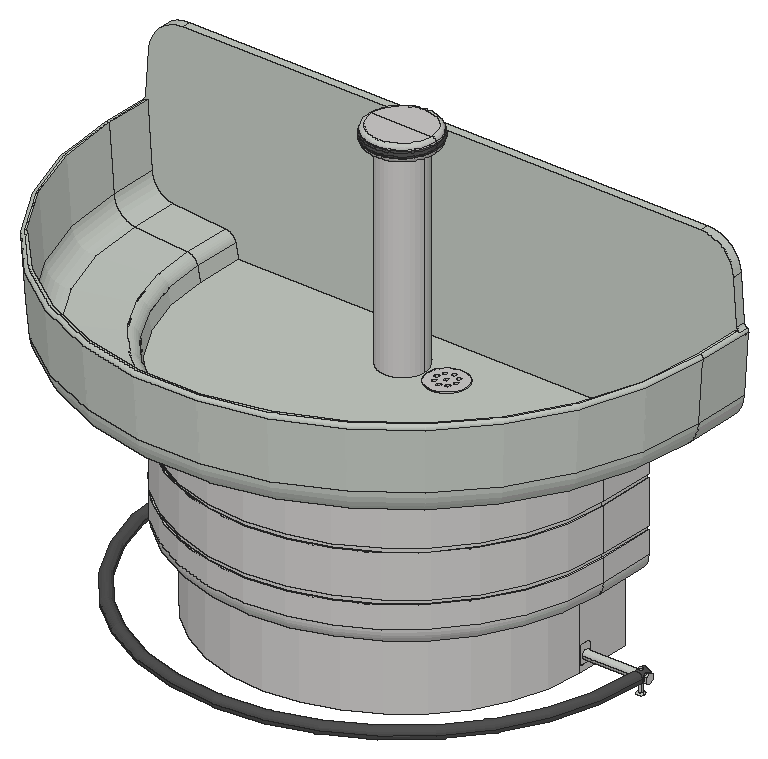
Revit family "Washfountain_Lavatory-Bradley_Corp-WF2504-Type_B_Drain", category Plumbing Fixtures, Revit 2012 (continued)
Lines and regions (in)
  sketch lines
    curve 17: line (-26.97649, -5.09016, 29.5) -> (-26.97649, 0, 29.5)
    curve 18: arc (-26.97649, -5.09016, 29.5) -> (0, -32.06665, 29.5) -> (26.97649, -5.09016, 29.5) r 26.97649
    curve 19: line (26.97649, -5.09016, 29.5) -> (26.97649, 0, 29.5)
    curve 20: line (-26.97649, -5.09016, 29.5) -> (-26.97649, 0, 29.5)
    curve 21: arc (-26.97649, -5.09016, 29.5) -> (0, -32.06665, 29.5) -> (26.97649, -5.09016, 29.5) r 26.97649
    curve 22: line (26.97649, -5.09016, 29.5) -> (26.97649, 0, 29.5)
    curve 26: line (-18.00049, 0, 19) -> (-18.00049, -5.09016, 19)
    curve 27: arc (-18.00049, -5.09016, 19) -> (0, -23.09065, 19) -> (18.00049, -5.09016, 19) r 18.00049
    curve 28: line (18.00049, -5.09016, 19) -> (18.00049, 0, 19)
    curve 29: line (-18.00049, 0, 19) -> (-18.00049, -5.09016, 19)
    curve 30: arc (-18.00049, -5.09016, 19) -> (0, -23.09065, 19) -> (18.00049, -5.09016, 19) r 18.00049
    curve 31: line (18.00049, -5.09016, 19) -> (18.00049, 0, 19)
    curve 32: line (-18.00049, 0, 19) -> (-18.00049, -5.09016, 19)
    curve 33: arc (-18.00049, -5.09016, 19) -> (0, -23.09065, 19) -> (18.00049, -5.09016, 19) r 18.00049
    curve 34: line (18.00049, -5.09016, 19) -> (18.00049, 0, 19)
    curve 35: line (-18.00049, 0, 19) -> (-18.00049, -5.09016, 19)
    curve 36: arc (-18.00049, -5.09016, 19) -> (0, -23.09065, 19) -> (18.00049, -5.09016, 19) r 18.00049
    curve 37: line (18.00049, -5.09016, 19) -> (18.00049, 0, 19)
    curve 174: line (-21.00049, -5.09016, 0) -> (-21.00049, -4.125, 0)
    curve 175: arc (21.00049, -5.09016, 0) -> (0, -26.09065, 0) -> (-21.00049, -5.09016, 0) r 21.00049
    curve 176: line (21.00049, -4.125, 0) -> (21.00049, -5.09016, 0)
  symbolic lines, visible <- "Standard Height"
    curve 38: line (-15.8525, 0, 6.50286) -> (15.85299, 0, 6.50286)
    curve 59: line (0, -20.94266, 6.50286) -> (0, 0, 6.50286)
  symbolic lines, visible <- "Standard Height", detail levels fine
    curve 39: line (17.87156, 0, 10.0615) -> (-17.87156, 0, 10.0615)
    curve 41: line (17.87156, 0, 10.43646) -> (-17.87156, 0, 10.43646)
    curve 42: line (17.87156, 0, 14.24904) -> (-17.87156, 0, 14.24904)
    curve 44: line (17.87156, 0, 14.624) -> (-17.87156, 0, 14.624)
    curve 60: line (0, -22.9605, 10.0615) -> (0, 0, 10.0615)
    curve 61: line (0, -22.9605, 10.43646) -> (0, 0, 10.43646)
    curve 63: line (0, -22.9605, 14.24904) -> (0, 0, 14.24904)
    curve 64: line (0, -22.9605, 14.624) -> (0, 0, 14.624)
  symbolic lines, visible <- "Standard Height", detail levels medium
    curve 40: line (-17.87156, 0, 10.24898) -> (17.87156, 0, 10.24898)
    curve 43: line (-17.87156, 0, 14.43652) -> (17.87156, 0, 14.43652)
    curve 62: line (0, -22.9605, 10.24898) -> (0, 0, 10.24898)
    curve 65: line (0, -22.9605, 14.43652) -> (0, 0, 14.43652)
  symbolic lines, visible <- "Juvenile Height"
    curve 45: line (-15.8525, 0, 9.1514) -> (15.8525, 0, 9.1514)
    curve 52: line (0, -20.94266, 9.1514) -> (0, 0, 9.1514)
  symbolic lines, visible <- "Juvenile Height", detail levels fine
    curve 46: line (17.89889, 0, 11.95585) -> (-17.89889, 0, 11.95585)
    curve 47: line (-17.89889, 0, 12.25134) -> (17.89889, 0, 12.25134)
    curve 49: line (17.89889, 0, 15.25592) -> (-17.89889, 0, 15.25592)
    curve 50: line (-17.89889, 0, 15.55141) -> (17.89889, 0, 15.55141)
    curve 53: line (0, -22.98904, 11.95585) -> (0, 0, 11.95585)
    curve 54: line (0, -22.98904, 12.25134) -> (0, 0, 12.25134)
    curve 56: line (0, -22.98904, 15.25592) -> (0, 0, 15.25592)
    curve 57: line (0, -22.98904, 15.55141) -> (0, 0, 15.55141)
  symbolic lines, visible <- "Juvenile Height", detail levels medium
    curve 48: line (17.89889, 0, 12.1036) -> (-17.89889, 0, 12.1036)
    curve 51: line (17.89889, 0, 15.40367) -> (-17.89889, 0, 15.40367)
    curve 55: line (0, -22.98904, 12.1036) -> (0, 0, 12.1036)
    curve 58: line (0, -22.98904, 15.40367) -> (0, 0, 15.40367)
  symbolic lines, detail levels coarse
    curve 66: line (0, -24.19857, 21.03318) -> (0, 0, 21.03318)
    curve 102: line (26.76758, 0, 29.5) -> (26.99999, 0, 29.5)
    curve 103: line (-26.76758, 0, 29.5) -> (-26.99999, 0, 29.5)
  symbolic lines, detail levels medium+fine
    curve 67: arc (0, -24.5796, 21.06589) -> (0, -20.96589, 20.75555) -> (0, -17.33954, 20.68645) r 54.45771
    curve 68: arc (-19.4921, -32.2274, 21.06542) -> (0, -32.2274, 20.35292) -> (19.4921, -32.2274, 21.06542) r 266.9846
    curve 73: line (-3.035, -5.25, 38.30527) -> (3.035, -5.25, 38.30527)
    curve 76: line (3.035, -5.25, 37.80542) -> (-3.03521, -5.25, 37.80542)
    curve 86: line (0, -2.215, 38.30527) -> (0, -8.28501, 38.30527)
    curve 89: line (0, -8.285, 37.80542) -> (0, -2.21501, 37.80542)
    curve 155: circle (0, -5.25, 38.75) r 3.035 normal (0, 0, 1)
    curve 209: circle (4, -5.25, 29.5) r 1.25 normal (0, 0, 1)
    curve 210: circle (4, -5.25, 29.5) r 0.1842 normal (0, 0, 1)
    curve 211: circle (4, -4.37229, 29.5) r 0.1842 normal (0, 0, 1)
    curve 212: circle (4.62063, -4.62937, 29.5) r 0.1842 normal (0, 0, 1)
    curve 213: circle (4.87771, -5.25, 29.5) r 0.1842 normal (0, 0, 1)
    curve 214: circle (4.62063, -5.87063, 29.5) r 0.1842 normal (0, 0, 1)
    curve 215: circle (4, -6.12771, 29.5) r 0.1842 normal (0, 0, 1)
    curve 216: circle (3.37937, -5.87063, 29.5) r 0.1842 normal (0, 0, 1)
    curve 217: circle (3.12229, -5.25, 29.5) r 0.1842 normal (0, 0, 1)
    curve 218: circle (3.37937, -4.62937, 29.5) r 0.1842 normal (0, 0, 1)
  symbolic lines, visible <- "Sensor Module", detail levels fine
    curve 69: line (-4.49987, -5.25, 41.68459) -> (4.49987, -5.25, 41.68459)
    curve 92: line (0, -0.75014, 41.68459) -> (0, -9.75014, 41.68459)
  symbolic lines, visible <- "Sensor Module", detail levels medium
    curve 70: line (4.57537, -5.25, 40.23512) -> (-4.57537, -5.25, 40.23512)
    curve 93: line (0, -9.82537, 40.23512) -> (0, -0.67463, 40.23512)
  symbolic lines, visible <- "Sensor Module"
    curve 71: line (-2, -5.25, 39.40962) -> (1.99689, -5.25, 39.40962)
    curve 94: line (0, -3.25001, 39.40962) -> (0, -7.25, 39.40962)
  symbolic lines, detail levels medium
    curve 72: line (-3.125, -5.25, 38.30527) -> (-3.035, -5.25, 38.30527)
    curve 74: line (3.035, -5.25, 38.30527) -> (3.125, -5.25, 38.30527)
    curve 75: line (3.125, -5.25, 37.80542) -> (3.035, -5.25, 37.80542)
    curve 77: line (-3.03521, -5.25, 37.80542) -> (-3.125, -5.25, 37.80542)
    curve 85: line (0, -2.125, 38.30527) -> (0, -2.215, 38.30527)
    curve 87: line (0, -8.28501, 38.30527) -> (0, -8.375, 38.30527)
    curve 88: line (0, -8.375, 37.80542) -> (0, -8.285, 37.80542)
    curve 90: line (0, -2.21501, 37.80542) -> (0, -2.125, 37.80542)
  symbolic lines
    curve 78: line (-2, -5.25, 37.36037) -> (2, -5.25, 37.36037)
    curve 91: line (0, -3.25001, 37.36037) -> (0, -7.25001, 37.36037)
    curve 101: line (-26.76758, 0, 29.5) -> (26.76758, 0, 29.5)
    curve 146: line (-18.00049, -5.09016, 29.5) -> (-18.00049, -0.8003, 29.5)
    curve 147: arc (-18.00049, -5.09016, 29.5) -> (0, -23.09065, 29.5) -> (18.00049, -5.09016, 29.5) r 18.00049
    curve 148: line (18.00049, -0.8003, 29.5) -> (18.00049, -5.09016, 29.5)
    curve 156: line (-26.99999, -0.8003, 29.5) -> (26.99999, -0.8003, 29.5)
    curve 204: line (-26.50049, -5.09016, 29.5) -> (-26.50049, -0.8003, 29.5)
    curve 205: arc (26.50049, -5.09016, 29.5) -> (0, -31.59065, 29.5) -> (-26.50049, -5.09016, 29.5) r 26.50049
    curve 206: line (26.50049, -0.8003, 29.5) -> (26.50049, -5.09016, 29.5)
    curve 208: circle (4, -5.25, 29.5) r 1.75 normal (0, 0, 1)
  symbolic lines, visible <- "Soap Dispenser", detail levels medium+fine
    curve 79: line (-6.24592, -5.25, 46.25047) -> (6.24592, -5.25, 46.25047)
    curve 96: line (0, -11.49592, 46.25047) -> (0, -3, 46.25047)
    curve 151: line (-5.85471, -3, 47.25) -> (-5.85471, -5.25, 47.25)
    curve 152: arc (5.85471, -5.25, 47.25) -> (0, -11.10471, 47.25) -> (-5.85471, -5.25, 47.25) r 5.85471
    curve 153: line (5.85471, -5.25, 47.25) -> (5.85471, -3, 47.25)
  symbolic lines, visible <- "Soap Dispenser", detail levels fine
    curve 80: line (6.24592, -5.25, 46.87642) -> (-6.24592, -5.25, 46.87642)
    curve 81: line (-5.97, -5.25, 45.63597) -> (5.97, -5.25, 45.63597)
    curve 82: line (5.93, -5.25, 44.38597) -> (-5.93, -5.25, 44.38597)
    curve 83: line (-5.88598, -5.25, 43.13598) -> (5.88598, -5.25, 43.13598)
    curve 84: line (5.85471, -5.25, 41.88597) -> (-5.85471, -5.25, 41.88597)
    curve 95: line (0, -11.49592, 46.87642) -> (0, -3, 46.87642)
    curve 97: line (0, -11.22, 45.63597) -> (0, -3, 45.63597)
    curve 98: line (0, -11.18, 44.38597) -> (0, -3, 44.38597)
    curve 99: line (0, -11.13598, 43.13598) -> (0, -3, 43.13598)
    curve 100: line (0, -11.10471, 41.88597) -> (0, -3, 41.88597)
  model lines, visible <- "Towel Dispenser", detail levels fine
    curve 106: spline (3.55188, -13.597, 53.37502) -> (3.64368, -13.43362, 56.41615) -> (3.91281, -12.95459, 59.25002) -> (4.34094, -12.19257, 61.68353) -> (4.89888, -11.19948, 63.55082) -> (5.54862, -10.04301, 64.72465) -> (6.24588, -8.80197, 65.12502) -> (6.94314, -7.56092, 64.72465) -> (7.59288, -6.40445, 63.55082) -> (8.15082, -5.41136, 61.68353) -> (8.57895, -4.64934, 59.25002) -> (8.84808, -4.17032, 56.41615) -> (8.93988, -4.00693, 53.37502)
    curve 107: spline (-8.93988, -4.00693, 53.37502) -> (-8.84808, -4.17032, 56.41615) -> (-8.57895, -4.64934, 59.25002) -> (-8.15082, -5.41136, 61.68353) -> (-7.59288, -6.40445, 63.55082) -> (-6.94314, -7.56092, 64.72465) -> (-6.24588, -8.80197, 65.12502) -> (-5.54862, -10.04301, 64.72465) -> (-4.89888, -11.19948, 63.55082) -> (-4.34094, -12.19257, 61.68353) -> (-3.91281, -12.95459, 59.25002) -> (-3.64368, -13.43362, 56.41615) -> (-3.55188, -13.597, 53.37502)
    curve 140: spline (-7.98129, -5.71312, 55.97659) -> (-7.96197, -5.74749, 56.01066) -> (-7.94398, -5.77953, 56.11056) -> (-7.92852, -5.80703, 56.26948) -> (-7.91666, -5.82814, 56.47659) -> (-7.90921, -5.84141, 56.71777) -> (-7.90667, -5.84593, 56.97659) -> (-7.90921, -5.84141, 57.2354) -> (-7.91666, -5.82814, 57.47659) -> (-7.92852, -5.80703, 57.68369) -> (-7.94398, -5.77953, 57.84261) -> (-7.96197, -5.74749, 57.94251) -> (-7.98129, -5.71312, 57.97659) -> (-8.0006, -5.67874, 57.94251) -> (-8.0186, -5.64671, 57.84261) -> (-8.03405, -5.6192, 57.68369) -> (-8.04591, -5.59809, 57.47659) -> (-8.05337, -5.58483, 57.2354) -> (-8.05591, -5.5803, 56.97659) -> (-8.05337, -5.58483, 56.71777) -> (-8.04591, -5.59809, 56.47659) -> (-8.03405, -5.6192, 56.26948) -> (-8.0186, -5.64671, 56.11056) -> (-8.0006, -5.67874, 56.01066) -> (-7.98129, -5.71312, 55.97659)
    curve 141: spline (4.51047, -11.89081, 55.97659) -> (4.52978, -11.85644, 56.01066) -> (4.54778, -11.82441, 56.11056) -> (4.56324, -11.7969, 56.26948) -> (4.57509, -11.77579, 56.47659) -> (4.58255, -11.76252, 56.71777) -> (4.58509, -11.758, 56.97659) -> (4.58255, -11.76252, 57.2354) -> (4.57509, -11.77579, 57.47659) -> (4.56324, -11.7969, 57.68369) -> (4.54778, -11.82441, 57.84261) -> (4.52978, -11.85644, 57.94251) -> (4.51047, -11.89081, 57.97659) -> (4.49116, -11.92519, 57.94251) -> (4.47316, -11.95722, 57.84261) -> (4.45771, -11.98473, 57.68369) -> (4.44585, -12.00584, 57.47659) -> (4.43839, -12.01911, 57.2354) -> (4.43585, -12.02363, 56.97659) -> (4.43839, -12.01911, 56.71777) -> (4.44585, -12.00584, 56.47659) -> (4.45771, -11.98473, 56.26948) -> (4.47316, -11.95722, 56.11056) -> (4.49116, -11.92519, 56.01066) -> (4.51047, -11.89081, 55.97659)
  symbolic lines, visible <- "Towel Dispenser"
    curve 108: line (-8.93988, -27, 66.62567) -> (-3.55188, -27, 66.62567)
    curve 109: line (-0.06458, -27, 67.313) -> (-3.55188, -27, 66.62567)
    curve 110: line (3.55188, -27, 66.62567) -> (0.06458, -27, 67.313)
    curve 111: line (8.93988, -27, 66.62567) -> (3.55188, -27, 66.62567)
    curve 112: line (3.55188, -27, 53.37502) -> (3.55188, -27, 66.62567)
    curve 113: line (-3.55188, -27, 66.62567) -> (-3.55188, -27, 53.37502)
    curve 114: line (-8.93988, -27, 53.37502) -> (-3.55188, -27, 53.37502)
    curve 115: line (-3.55188, -27, 53.37502) -> (-1.59028, -27, 52)
    curve 116: line (1.59028, -27, 52) -> (3.55188, -27, 53.37502)
    curve 125: line (0.06458, -27, 67.313) -> (0.06458, -27, 52)
    curve 126: line (-0.06458, -27, 52) -> (-0.06458, -27, 67.313)
    curve 130: line (0, -4.00693, 66.62567) -> (0, -2.04766, 67.313)
    curve 131: line (0, -4.00693, 66.62567) -> (0, -13.597, 66.62567)
    curve 132: line (0, -4.00693, 53.37502) -> (0, -4.00693, 66.62567)
    curve 133: line (0, -4.00693, 53.37502) -> (0, -13.597, 53.37502)
    curve 134: line (0, -2.90484, 52) -> (0, -4.00693, 53.37502)
    curve 145: line (8.93988, -27, 53.37502) -> (3.55188, -27, 53.37502)
    curve 149: line (-6.97827, -2.90484, 52) -> (-1.59028, -12.49491, 52)
    curve 150: line (6.97827, -2.90484, 52) -> (1.59028, -12.49491, 52)
    curve 157: line (-0.06458, -11.63773, 52) -> (-5.45258, -2.04766, 52)
    curve 158: line (5.45258, -2.04766, 52) -> (0.06458, -11.63773, 52)
    curve 160: line (-5.45258, 3, 67.313) -> (-5.45258, 3, 52)
    curve 161: line (5.45258, 3, 67.313) -> (5.45258, 3, 52)
    curve 162: line (5.45258, 3, 66.62567) -> (-5.45258, 3, 66.62567)
    curve 163: line (-5.45258, 3, 66.12567) -> (5.45258, 3, 66.12567)
    curve 164: line (5.45258, 3, 53.5786) -> (-5.45258, 3, 53.5786)
    curve 165: line (-5.45258, 3, 53.0786) -> (5.45258, 3, 53.0786)
    curve 166: line (-2, 3, 66.12567) -> (-2, 3, 53.5786)
    curve 167: line (2, 3, 66.12567) -> (2, 3, 53.5786)
    curve 168: line (-2, 3, 53.0786) -> (-2, 3, 52)
    curve 169: line (2, 3, 53.0786) -> (2, 3, 52)
    curve 170: line (-2, -27, 52) -> (2, -27, 52)
  symbolic lines, visible <- "Towel Dispenser", detail levels medium+fine
    curve 117: line (3.86374, -27, 53.0786) -> (7.78228, -27, 53.0786)
    curve 118: spline (7.78228, -27, 53.0786) -> (7.85835, -27, 53.06528) -> (7.89121, -27, 53.02621) -> (7.87863, -27, 52.96406) -> (7.82146, -27, 52.88306) -> (7.7236, -27, 52.78873) -> (7.59171, -27, 52.68751) -> (7.43479, -27, 52.58629) -> (7.26353, -27, 52.49197) -> (7.08959, -27, 52.41097) -> (6.92485, -27, 52.34882) -> (6.78051, -27, 52.30975) -> (6.66642, -27, 52.29642)
    curve 119: line (6.66642, -27, 52.29642) -> (2.74787, -27, 52.29642)
    curve 120: spline (2.74787, -27, 52.29642) -> (2.6718, -27, 52.30975) -> (2.63894, -27, 52.34882) -> (2.65152, -27, 52.41097) -> (2.70869, -27, 52.49197) -> (2.80656, -27, 52.58629) -> (2.93844, -27, 52.68751) -> (3.09536, -27, 52.78873) -> (3.26663, -27, 52.88306) -> (3.44056, -27, 52.96406) -> (3.60531, -27, 53.02621) -> (3.74965, -27, 53.06528) -> (3.86374, -27, 53.0786)
    curve 121: line (-3.86374, -27, 53.0786) -> (-7.78228, -27, 53.0786)
    curve 122: spline (-7.78228, -27, 53.0786) -> (-7.85835, -27, 53.06528) -> (-7.89121, -27, 53.02621) -> (-7.87863, -27, 52.96406) -> (-7.82146, -27, 52.88306) -> (-7.7236, -27, 52.78873) -> (-7.59171, -27, 52.68751) -> (-7.43479, -27, 52.58629) -> (-7.26353, -27, 52.49197) -> (-7.08959, -27, 52.41097) -> (-6.92485, -27, 52.34882) -> (-6.78051, -27, 52.30975) -> (-6.66642, -27, 52.29642)
    curve 123: line (-6.66642, -27, 52.29642) -> (-2.74787, -27, 52.29642)
    curve 124: spline (-2.74787, -27, 52.29642) -> (-2.6718, -27, 52.30975) -> (-2.63894, -27, 52.34882) -> (-2.65152, -27, 52.41097) -> (-2.70869, -27, 52.49197) -> (-2.80656, -27, 52.58629) -> (-2.93844, -27, 52.68751) -> (-3.09536, -27, 52.78873) -> (-3.26663, -27, 52.88306) -> (-3.44056, -27, 52.96406) -> (-3.60531, -27, 53.02621) -> (-3.74965, -27, 53.06528) -> (-3.86374, -27, 53.0786)
    curve 135: line (0, -5.07708, 53.0786) -> (0, -12.05168, 53.0786)
    curve 136: spline (0, -12.05168, 53.0786) -> (0, -12.21024, 53.06528) -> (0, -12.33662, 53.02621) -> (0, -12.42223, 52.96406) -> (0, -12.46122, 52.88306) -> (0, -12.45094, 52.78873) -> (0, -12.39209, 52.68751) -> (0, -12.28868, 52.58629) -> (0, -12.14776, 52.49197) -> (0, -11.97892, 52.41097) -> (0, -11.79369, 52.34882) -> (0, -11.60467, 52.30975) -> (0, -11.42476, 52.29642)
    curve 137: line (0, -11.42476, 52.29642) -> (0, -4.45016, 52.29642)
    curve 138: spline (0, -4.45016, 52.29642) -> (0, -4.29161, 52.30975) -> (0, -4.16522, 52.34882) -> (0, -4.07961, 52.41097) -> (0, -4.04062, 52.49197) -> (0, -4.0509, 52.58629) -> (0, -4.10975, 52.68751) -> (0, -4.21316, 52.78873) -> (0, -4.35409, 52.88306) -> (0, -4.52292, 52.96406) -> (0, -4.70815, 53.02621) -> (0, -4.89717, 53.06528) -> (0, -5.07708, 53.0786)
  symbolic lines, visible <- "Towel Dispenser", detail levels fine
    curve 127: spline (3.55188, -27, 53.37502) -> (3.64368, -27, 56.41615) -> (3.91281, -27, 59.25002) -> (4.34094, -27, 61.68353) -> (4.89888, -27, 63.55082) -> (5.54862, -27, 64.72465) -> (6.24588, -27, 65.12502) -> (6.94314, -27, 64.72465) -> (7.59288, -27, 63.55082) -> (8.15082, -27, 61.68353) -> (8.57895, -27, 59.25002) -> (8.84808, -27, 56.41615) -> (8.93988, -27, 53.37502)
    curve 128: spline (-8.93988, -27, 53.37502) -> (-8.84808, -27, 56.41615) -> (-8.57895, -27, 59.25002) -> (-8.15082, -27, 61.68353) -> (-7.59288, -27, 63.55082) -> (-6.94314, -27, 64.72465) -> (-6.24588, -27, 65.12502) -> (-5.54862, -27, 64.72465) -> (-4.89888, -27, 63.55082) -> (-4.34094, -27, 61.68353) -> (-3.91281, -27, 59.25002) -> (-3.64368, -27, 56.41615) -> (-3.55188, -27, 53.37502)
    curve 139: spline (0, -4.00693, 53.37502) -> (0, -4.17032, 56.41615) -> (0, -4.64934, 59.25002) -> (0, -5.41136, 61.68353) -> (0, -6.40445, 63.55082) -> (0, -7.56092, 64.72465) -> (0, -8.80197, 65.12502) -> (0, -10.04301, 64.72465) -> (0, -11.19948, 63.55082) -> (0, -12.19257, 61.68353) -> (0, -12.95459, 59.25002) -> (0, -13.43362, 56.41615) -> (0, -13.597, 53.37502)
    curve 142: spline (-7.98129, -27, 55.97659) -> (-7.96197, -27, 56.01066) -> (-7.94398, -27, 56.11056) -> (-7.92852, -27, 56.26948) -> (-7.91666, -27, 56.47659) -> (-7.90921, -27, 56.71777) -> (-7.90667, -27, 56.97659) -> (-7.90921, -27, 57.2354) -> (-7.91666, -27, 57.47659) -> (-7.92852, -27, 57.68369) -> (-7.94398, -27, 57.84261) -> (-7.96197, -27, 57.94251) -> (-7.98129, -27, 57.97659) -> (-8.0006, -27, 57.94251) -> (-8.0186, -27, 57.84261) -> (-8.03405, -27, 57.68369) -> (-8.04591, -27, 57.47659) -> (-8.05337, -27, 57.2354) -> (-8.05591, -27, 56.97659) -> (-8.05337, -27, 56.71777) -> (-8.04591, -27, 56.47659) -> (-8.03405, -27, 56.26948) -> (-8.0186, -27, 56.11056) -> (-8.0006, -27, 56.01066) -> (-7.98129, -27, 55.97659)
    curve 143: spline (4.51047, -27, 55.97659) -> (4.52978, -27, 56.01066) -> (4.54778, -27, 56.11056) -> (4.56324, -27, 56.26948) -> (4.57509, -27, 56.47659) -> (4.58255, -27, 56.71777) -> (4.58509, -27, 56.97659) -> (4.58255, -27, 57.2354) -> (4.57509, -27, 57.47659) -> (4.56324, -27, 57.68369) -> (4.54778, -27, 57.84261) -> (4.52978, -27, 57.94251) -> (4.51047, -27, 57.97659) -> (4.49116, -27, 57.94251) -> (4.47316, -27, 57.84261) -> (4.45771, -27, 57.68369) -> (4.44585, -27, 57.47659) -> (4.43839, -27, 57.2354) -> (4.43585, -27, 56.97659) -> (4.43839, -27, 56.71777) -> (4.44585, -27, 56.47659) -> (4.45771, -27, 56.26948) -> (4.47316, -27, 56.11056) -> (4.49116, -27, 56.01066) -> (4.51047, -27, 55.97659)
    curve 144: spline (0, -5.71312, 55.97659) -> (0, -5.74749, 56.01066) -> (0, -5.77953, 56.11056) -> (0, -5.80703, 56.26948) -> (0, -5.82814, 56.47659) -> (0, -5.84141, 56.71777) -> (0, -5.84593, 56.97659) -> (0, -5.84141, 57.2354) -> (0, -5.82814, 57.47659) -> (0, -5.80703, 57.68369) -> (0, -5.77953, 57.84261) -> (0, -5.74749, 57.94251) -> (0, -5.71312, 57.97659) -> (0, -5.67874, 57.94251) -> (0, -5.64671, 57.84261) -> (0, -5.6192, 57.68369) -> (0, -5.59809, 57.47659) -> (0, -5.58483, 57.2354) -> (0, -5.5803, 56.97659) -> (0, -5.58483, 56.71777) -> (0, -5.59809, 56.47659) -> (0, -5.6192, 56.26948) -> (0, -5.64671, 56.11056) -> (0, -5.67874, 56.01066) -> (0, -5.71312, 55.97659)
  symbolic lines, visible <- "Sensor Module", detail levels medium+fine
    curve 154: circle (0, -5.25, 42.25) r 2.10282 normal (0, 0, 1)
  symbolic lines, visible <- "Foot Control Valve"
    curve 177: line (-15.978, 0, 1.796) -> (-20.65712, 0, 1.796)
    curve 178: line (-15.978, 0, 1.054) -> (-20.65712, 0, 1.054)
    curve 179: arc (-20.88349, 0, 1.925) -> (-20.50058, 0, 1.425) -> (-20.88349, 0, 0.925) r 0.5179
    curve 184: line (15.978, 0, 1.796) -> (20.65712, 0, 1.796)
    curve 185: line (15.978, 0, 1.054) -> (20.65712, 0, 1.054)
    curve 186: arc (20.88349, 0, 1.925) -> (20.50058, 0, 1.425) -> (20.88349, 0, 0.925) r 0.5179
  symbolic lines, visible <- "Foot Control Valve", detail levels fine
    curve 180: line (-21.53456, 0, 1.796) -> (-21.53456, 0, 1.054)
    curve 181: line (-21.80027, 0, 1.64221) -> (-21.53456, 0, 1.64221)
    curve 182: line (-21.80027, 0, 1.21324) -> (-21.53456, 0, 1.21324)
    curve 183: line (-21.11749, 0, 0.12175) -> (-20.88349, 0, 0.12175)
    curve 187: line (21.53456, 0, 1.796) -> (21.53456, 0, 1.054)
    curve 188: line (21.80027, 0, 1.64221) -> (21.53456, 0, 1.64221)
    curve 189: line (21.80027, 0, 1.21324) -> (21.53456, 0, 1.21324)
    curve 190: line (21.11749, 0, 0.12175) -> (20.88349, 0, 0.12175)
    curve 192: arc (0, -4.996, 1.425) -> (0, -4.625, 1.796) -> (0, -4.254, 1.425) r 0.371
    curve 193: arc (0, -4.254, 1.425) -> (0, -4.625, 1.054) -> (0, -4.996, 1.425) r 0.371
    curve 194: line (0, -4.12723, 2.04222) -> (0, -4.12723, 1.925)
    curve 195: arc (0, -4.12723, 0.91722) -> (0, -4.20046, 0.74044) -> (0, -4.37723, 0.66722) r 0.25
    curve 196: line (0, -4.37723, 0.66722) -> (0, -4.508, 0.66722)
    curve 197: arc (0, -4.87723, 0.66722) -> (0, -5.05401, 0.74044) -> (0, -5.12723, 0.91722) r 0.25
    curve 198: arc (0, -5.12723, 2.04222) -> (0, -5.05401, 2.219) -> (0, -4.87723, 2.29222) r 0.25
    curve 199: line (0, -4.87723, 2.29222) -> (0, -4.37723, 2.29222)
    curve 200: arc (0, -4.37723, 2.29222) -> (0, -4.20046, 2.219) -> (0, -4.12723, 2.04222) r 0.25
    curve 202: line (0, -5.12723, 1.925) -> (0, -5.12723, 2.04222)
    curve 203: line (0, -4.742, 0.66722) -> (0, -4.87723, 0.66722)
  symbolic lines, not visible, detail levels fine
    curve 201: line (0, -4.12723, 1.73022) -> (0, -4.12723, 0.91722)
  model lines, detail levels medium+fine
    curve 207: circle (4, -5.25, 19.55176) r 1.25 normal (0, 0, 1)
  symbolic lines, visible <- "Button Visibility"
    curve 219: circle (0, -5.25, 40.8851) r 0.5 normal (0, -1, 0)
Dimensions and locks (in)
  equal spacing: plane 4 "Left", plane 3 "Center (Left/Right)", plane 5 "Right"
  "Width": plane 4 "Left" to plane 5 "Right"
  "Towel Dispenser Height": plane 6 "Towel Dispenser" to plane 2
  "Soap Dispenser Height": plane 7 "Soap Dispenser" to plane 2
  "Sensor Module Height": plane 8 "Sensor Module" to plane 2
  "Spray Head Height": plane 9 "Spray Head" to plane 2
  "Rim Height": plane 10 "Rim Height" to plane 2
  "Pedestal Height": plane 11 "Pedestal Height" to plane 2
  equal spacing: curve 14, plane 3 "Center (Left/Right)", curve 16
  locked: plane 7 "Soap Dispenser" to Revolve 7 sketch curve at 6
  locked: plane 9 "Spray Head" to Revolve 10 sketch curve at 1.38963
  locked: plane 7 "Soap Dispenser" to Extrusion 14 sketch curve at 6
  locked: plane 8 "Sensor Module" to Revolve 15 sketch curve at 2.84038
  locked: plane 8 "Sensor Module" to Revolve 16 sketch curve at 2.84038
  locked: plane 8 "Sensor Module" to Masking region 13 sketch curve at 2.84038  (x2)
  locked: plane 8 "Sensor Module" to Masking region 14 sketch curve at 2.84038  (x2)
  locked: plane 9 "Spray Head" to Masking region 15 sketch curve at 1.39  (x2)
  locked: plane 9 "Spray Head" to Masking region 16 sketch curve at 1.39
  locked: plane 9 "Spray Head" to Masking region 16 sketch curve at 1.38963
  locked: plane 7 "Soap Dispenser" to Masking region 17 sketch curve at 6
  locked: plane 7 "Soap Dispenser" to Masking region 18 sketch curve at 6
  locked: plane 9 "Spray Head" to Revolve 9 sketch curve at 1.38963
  locked: plane 9 "Spray Head" to Masking region 19 sketch curve at 1.38963  (x2)
  locked: plane 9 "Spray Head" to Masking region 20 sketch curve at 1.38963  (x2)
  locked: plane 8 "Sensor Module" to Masking region 21 sketch curve at 2.84038  (x2)
  locked: plane 8 "Sensor Module" to Masking region 22 sketch curve at 2.84038  (x2)
  locked: Extrusion 17 sketch curve to curve 104 at 4
  locked: curve 104 to Extrusion 17 sketch curve at 15.313
  locked: curve 104 to Extrusion 17 sketch curve at 15.16279
  locked: curve 105 to Extrusion 18 sketch curve at 4
  locked: curve 105 to Extrusion 18 sketch curve at 15.16279
  locked: curve 105 to Extrusion 18 sketch curve at 15.313
  locked: Masking region 25 sketch curve to plane 6 "Towel Dispenser" at 15.313
  locked: Extrusion 19 to Extrusion 17 at 1
  "Towel Dispenser Holder": plane 6 "Towel Dispenser" to Extrusion 19
  "Towel Dispenser Holder": plane 6 "Towel Dispenser" to Masking region 32
  locked: plane 7 "Soap Dispenser" to plane 12 at 6
  "Soap Dispenser Holder": plane 12 to Extrusion 20
  "Soap Dispenser Holder": plane 12 to Masking region 33
  "Soap Dispenser Holder": Masking region 34 to plane 12
  "Towel Dispenser Holder": plane 6 "Towel Dispenser" to Masking region 25 sketch curve
  plane 13 to plane 1 "Center (Front/Back)" = 32.2274"
  locked: Extrusion 19 to Masking region 26 sketch curve at 1
  locked: Extrusion 38 sketch curve to plane 1 "Center (Front/Back)" at 5.25
  locked: Extrusion 38 sketch curve to plane 3 "Center (Left/Right)" at 4
  Extrusion 38 to plane 2 = 3.000"
  locked: plane 1 "Center (Front/Back)" to Extrusion 40 at 2.5
  "Supply Height": Extrusion 39 to plane 2
  plane 7 "Soap Dispenser" to Revolve 8 sketch curve to Revolve 8 sketch curve = 0.99953" locked, 5.00047" locked
  plane 7 "Soap Dispenser" to Extrusion 13 sketch curve to Extrusion 13 sketch curve = 0.99953" locked, 5.00047" locked
  locked: plane 7 "Soap Dispenser" to Revolve 41 sketch curve at 0.99953
  locked: plane 7 "Soap Dispenser" to Extrusion 42 sketch curve at 0.99953
  Extrusion 40 sketch curve to Extrusion 40 sketch curve to plane 2 = 2.000" locked, 10.000" locked
  Extrusion 39 sketch curve to plane 3 "Center (Left/Right)" to Extrusion 39 sketch curve = 0.875" locked, 0.875" locked
  locked: Extrusion 39 sketch curve to plane 1 "Center (Front/Back)" at 4  (x2)
  "Drain Radius": radius of Extrusion 38 sketch curve
  "Vent Radius": radius of Extrusion 39 sketch curve
  "Cold Lavatory Inlet Primary Radius": radius of Extrusion 39 sketch curve
  "Hot Lavatory Inlet Primary Radius": radius of Extrusion 39 sketch curve
  aligned and locked: Revolve 7 sketch curve to plane 3 "Center (Left/Right)"
  aligned and locked: Revolve 8 sketch curve to plane 3 "Center (Left/Right)"
  aligned and locked: Revolve 9 sketch curve to plane 3 "Center (Left/Right)"
  aligned and locked: Revolve 10 sketch curve to plane 3 "Center (Left/Right)"
  aligned and locked: plane 3 "Center (Left/Right)" to Revolve 10 sketch curve
  aligned and locked: Revolve 10 sketch curve to plane 11 "Pedestal Height"
  aligned and locked: Revolve 9 sketch curve to plane 11 "Pedestal Height"
  aligned and locked: Revolve 15 sketch curve to plane 9 "Spray Head"
  aligned and locked: Revolve 15 sketch curve to plane 3 "Center (Left/Right)"
  aligned and locked: Revolve 16 sketch curve to plane 9 "Spray Head"
  aligned and locked: Revolve 16 sketch curve to plane 3 "Center (Left/Right)"
  aligned and locked: Masking region 13 sketch curve to plane 9 "Spray Head"
  aligned and locked: Masking region 14 sketch curve to plane 9 "Spray Head"
  aligned and locked: Masking region 15 sketch curve to plane 10 "Rim Height"
  aligned and locked: Masking region 16 sketch curve to plane 10 "Rim Height"
  aligned and locked: plane 10 "Rim Height" to Masking region 19 sketch curve
  aligned and locked: Masking region 20 sketch curve to plane 10 "Rim Height"
  aligned and locked: Masking region 21 sketch curve to plane 9 "Spray Head"
  aligned and locked: Masking region 22 sketch curve to plane 9 "Spray Head"
  aligned and locked: plane 6 "Towel Dispenser" to Masking region 32 sketch curve
  aligned and locked: Extrusion 20 to plane 12
  aligned and locked: Masking region 33 sketch curve to plane 12
  aligned and locked: plane 12 to Masking region 34 sketch curve
  aligned and locked: Extrusion 36 to plane 11 "Pedestal Height"
  aligned and locked: plane 10 "Rim Height" to Extrusion 36
  aligned and locked: Extrusion 37 to plane 11 "Pedestal Height"
  aligned and locked: plane 3 "Center (Left/Right)" to Extrusion 39 sketch curve
  aligned and locked: curve 7 to Extrusion 39 sketch curve
  aligned and locked: Extrusion 38 to plane 2
  aligned and locked: Extrusion 40 to plane 1 "Center (Front/Back)"
  aligned and locked: Extrusion 39 to plane 2
  aligned and locked: Revolve 41 sketch curve to plane 3 "Center (Left/Right)"
  aligned and locked: plane 3 "Center (Left/Right)" to Extrusion 43 sketch curve
Automatic sketch dimensions
  curve 172 to plane 3 "Center (Left/Right)" = 0.000"
  plane 4 "Left" to curve 171 = 5.99951"
  plane 1 "Center (Front/Back)" to curve 173 = 5.09016"
  curve 173 to curve 173 = 0.96516"
  curve 171 to curve 171 = 0.96516"
  curve 25 to plane 1 "Center (Front/Back)" = 0.000"
  curve 13 to plane 1 "Center (Front/Back)" = 0.000"
  curve 24 to plane 3 "Center (Left/Right)" = 0.000"
  curve 23 to plane 1 "Center (Front/Back)" = 0.000"
  plane 3 "Center (Left/Right)" to curve 13 = 1.49945"
  curve 25 to plane 5 "Right" = 8.99951"
  curve 13 to plane 3 "Center (Left/Right)" = 1.49945"
  plane 1 "Center (Front/Back)" to curve 24 = 5.09016"
  curve 4 to plane 3 "Center (Left/Right)" = 0.000"
  plane 3 "Center (Left/Right)" to curve 3 = 3.000"
  curve 3 to plane 3 "Center (Left/Right)" = 3.000"
  curve 4 to plane 1 "Center (Front/Back)" = 3.000"
  plane 1 "Center (Front/Back)" to curve 4 = 3.000"
  curve 4 to curve 3 = 2.250"
  curve 6 to plane 3 "Center (Left/Right)" = 0.000"
  plane 3 "Center (Left/Right)" to curve 5 = 3.000"
  curve 5 to plane 3 "Center (Left/Right)" = 3.000"
  curve 6 to plane 1 "Center (Front/Back)" = 3.000"
  plane 1 "Center (Front/Back)" to curve 6 = 3.000"
  curve 6 to curve 5 = 2.250"
  curve 8 to plane 3 "Center (Left/Right)" = 0.000"
  plane 3 "Center (Left/Right)" to curve 7 = 3.000"
  curve 7 to plane 3 "Center (Left/Right)" = 3.000"
  curve 8 to plane 1 "Center (Front/Back)" = 3.000"
  plane 1 "Center (Front/Back)" to curve 8 = 3.000"
  curve 8 to curve 7 = 2.250"
  curve 9 to plane 1 "Center (Front/Back)" = 0.000"
  curve 10 to plane 3 "Center (Left/Right)" = 0.000"
  plane 3 "Center (Left/Right)" to curve 105 = 0.06458"
  curve 159 to curve 10 = 2.000"
  plane 3 "Center (Left/Right)" to curve 9 = 3.000"
  plane 3 "Center (Left/Right)" to curve 129 = 3.000"
  plane 1 "Center (Front/Back)" to curve 105 = 2.04766"
  curve 105 to curve 9 = 2.45258"
  curve 104 to plane 3 "Center (Left/Right)" = 0.06458"
  curve 159 to plane 3 "Center (Left/Right)" = 2.000"
  curve 129 to plane 3 "Center (Left/Right)" = 3.000"
  curve 9 to plane 3 "Center (Left/Right)" = 3.000"
  plane 1 "Center (Front/Back)" to curve 104 = 2.04766"
  curve 9 to curve 104 = 2.45258"
  curve 159 to plane 1 "Center (Front/Back)" = 3.000"
  plane 1 "Center (Front/Back)" to curve 10 = 3.000"
  curve 10 to curve 105 = 8.63773"
  curve 104 to curve 105 = 0.000"
  curve 129 to plane 13 = 5.2274"
  curve 12 to plane 1 "Center (Front/Back)" = 0.000"
  curve 11 to plane 3 "Center (Left/Right)" = 0.000"
  plane 3 "Center (Left/Right)" to curve 12 = 3.000"
  curve 12 to plane 3 "Center (Left/Right)" = 3.000"
  curve 11 to plane 1 "Center (Front/Back)" = 3.000"
  plane 1 "Center (Front/Back)" to curve 11 = 3.000"
  Sweep 1 sketch curve to Sweep 1 sketch curve = 0.000"  (x15)
  Sweep 1 sketch curve to profile plane = 0.000"
  Sweep 1 sketch curve to profile plane = 10.500"
  profile plane to Sweep 1 sketch curve = 24.97649"
  profile plane to Sweep 1 sketch curve = 8.64604"
  Sweep 1 sketch curve to Sweep 1 sketch curve = 0.2187"
  Sweep 1 sketch curve to Sweep 1 sketch curve = 0.49398"
  Sweep 1 sketch curve to Sweep 1 sketch curve = 0.4924"
  Sweep 1 sketch curve to Sweep 1 sketch curve = 0.40869"
  Sweep 1 sketch curve to Sweep 1 sketch curve = 0.04186"  (x2)
  profile plane to Sweep 1 sketch curve = 2.9871"
  Sweep 1 sketch curve to Sweep 1 sketch curve = 0.20015"
  Sweep 1 sketch curve to Sweep 1 sketch curve = 0.04434"
  profile plane to Sweep 1 sketch curve = 0.86727"
  profile plane to Sweep 1 sketch curve = 0.47772"
  profile plane to Sweep 1 sketch curve = 0.36849"
  profile plane to Sweep 1 sketch curve = 0.3114"
  Sweep 1 sketch curve to Sweep 1 sketch curve = 0.17484"
  Sweep 1 sketch curve to profile plane = 0.00015"
  Sweep 1 sketch curve to Sweep 1 sketch curve = 0.42263"
  Sweep 1 sketch curve to Sweep 1 sketch curve = 0.00053"
  Sweep 1 sketch curve to Sweep 1 sketch curve = 1.14454"
  Sweep 1 sketch curve to Sweep 1 sketch curve = 0.08682"  (x2)
  Sweep 1 sketch curve to Sweep 1 sketch curve = 0.39837"
  Sweep 1 sketch curve to Sweep 1 sketch curve = 0.49804"
  Sweep 1 sketch curve to Sweep 1 sketch curve = 1.93244"
  Sweep 1 sketch curve to profile plane = 0.33398"
  Sweep 2 sketch curve to profile plane = 0.000"
  Sweep 2 sketch curve to profile plane = 9.99947"
  profile plane to Sweep 2 sketch curve = 24.97641"
  profile plane to Sweep 2 sketch curve = 8.64604"
  Sweep 2 sketch curve to Sweep 2 sketch curve = 0.35242"
  Sweep 2 sketch curve to Sweep 2 sketch curve = 0.41946"
  Sweep 2 sketch curve to Sweep 2 sketch curve = 0.42554"
  profile plane to Sweep 2 sketch curve = 0.99431"
  profile plane to Sweep 2 sketch curve = 0.52542"
  profile plane to Sweep 2 sketch curve = 0.47772"
  Sweep 2 sketch curve to profile plane = 0.0235"
  Sweep 2 sketch curve to Sweep 2 sketch curve = 0.50053"
  Sweep 2 sketch curve to Sweep 2 sketch curve = 1.53265"
  Sweep 2 sketch curve to Sweep 2 sketch curve = 0.46601"
  Sweep 2 sketch curve to Sweep 2 sketch curve = 0.61687"
  Sweep 2 sketch curve to Sweep 2 sketch curve = 0.46237"
  Sweep 3 sketch curve to Sweep 3 sketch curve = 0.000"  (x4)
  Sweep 3 sketch curve to profile plane = 0.000"
  Sweep 3 sketch curve to profile plane = 0.00049"
  Sweep 3 sketch curve to profile plane = 0.0005"
  Sweep 3 sketch curve to profile plane = 0.00454"
  Sweep 3 sketch curve to Sweep 3 sketch curve = 0.12487"  (x4)
  Sweep 3 sketch curve to Sweep 3 sketch curve = 0.37107"
  Sweep 3 sketch curve to Sweep 3 sketch curve = 0.500"  (x2)
  Sweep 3 sketch curve to Sweep 3 sketch curve = 0.00406"
  Sweep 3 sketch curve to Sweep 3 sketch curve = 1.03001"
  Sweep 3 sketch curve to Sweep 3 sketch curve = 0.61748"
  Sweep 3 sketch curve to profile plane = 4.376"
  Sweep 3 sketch curve to Sweep 3 sketch curve = 0.375"  (x2)
  Sweep 3 sketch curve to Sweep 3 sketch curve = 3.81254"
  Sweep 3 sketch curve to Sweep 3 sketch curve = 0.37496"  (x2)
  Sweep 3 sketch curve to Sweep 3 sketch curve = 2.02863"
  Sweep 3 sketch curve to Sweep 3 sketch curve = 6.50286"
  Sweep 4 sketch curve to profile plane = 0.000"  (x2)
  Sweep 4 sketch curve to profile plane = 0.50454"
  Sweep 4 sketch curve to Sweep 4 sketch curve = 1.64345"
  Sweep 4 sketch curve to Sweep 4 sketch curve = 0.500"  (x2)
  Sweep 4 sketch curve to profile plane = 11.99714"
  Sweep 4 sketch curve to Sweep 4 sketch curve = 6.50286"
  Sweep 5 sketch curve to Sweep 5 sketch curve = 0.000"  (x4)
  Sweep 5 sketch curve to profile plane = 0.000"  (x2)
  Sweep 5 sketch curve to profile plane = 0.00001"
  Sweep 5 sketch curve to profile plane = 0.0032"
  Sweep 5 sketch curve to profile plane = 0.1016"
  Sweep 5 sketch curve to Sweep 5 sketch curve = 0.1016"  (x2)
  Sweep 5 sketch curve to Sweep 5 sketch curve = 0.29243"
  Sweep 5 sketch curve to Sweep 5 sketch curve = 0.39403"  (x2)
  Sweep 5 sketch curve to Sweep 5 sketch curve = 0.0032"
  Sweep 5 sketch curve to Sweep 5 sketch curve = 0.09841"
  Sweep 5 sketch curve to profile plane = 1.64799"
  Sweep 5 sketch curve to Sweep 5 sketch curve = 0.500"
  Sweep 5 sketch curve to Sweep 5 sketch curve = 3.44859"
  Sweep 5 sketch curve to Sweep 5 sketch curve = 0.29553"  (x2)
  Sweep 5 sketch curve to Sweep 5 sketch curve = 3.00454"
  Sweep 5 sketch curve to Sweep 5 sketch curve = 0.29549"  (x2)
  Sweep 5 sketch curve to Sweep 5 sketch curve = 1.15647"
  Sweep 5 sketch curve to Sweep 5 sketch curve = 5.1514"
  Sweep 6 sketch curve to profile plane = 0.000"  (x2)
  Sweep 6 sketch curve to profile plane = 0.500"
  Sweep 6 sketch curve to Sweep 6 sketch curve = 1.64799"
  Sweep 6 sketch curve to Sweep 6 sketch curve = 0.500"  (x2)
  Sweep 6 sketch curve to profile plane = 9.3486"
  Sweep 6 sketch curve to Sweep 6 sketch curve = 5.1514"
  Revolve 7 sketch curve to curve 7 = 0.000"  (x2)
  Revolve 7 sketch curve to curve 7 = 14.27037"
  Revolve 7 sketch curve to curve 7 = 0.11538"
  Revolve 7 sketch curve to curve 7 = 2.85471"
  Revolve 7 sketch curve to Revolve 7 sketch curve = 0.03127"
  Revolve 7 sketch curve to Revolve 7 sketch curve = 0.04402"
  Revolve 7 sketch curve to Revolve 7 sketch curve = 0.040"  (x2)
  Revolve 7 sketch curve to Revolve 7 sketch curve = 0.23592"
  curve 7 to Revolve 7 sketch curve = 3.000"
  Revolve 7 sketch curve to curve 7 = 9.94403"
  Revolve 7 sketch curve to Revolve 7 sketch curve = 0.63597"
  Revolve 7 sketch curve to Revolve 7 sketch curve = 1.25001"
  Revolve 7 sketch curve to Revolve 7 sketch curve = 1.24999"
  Revolve 7 sketch curve to Revolve 7 sketch curve = 1.250"
  Revolve 7 sketch curve to Revolve 7 sketch curve = 0.61449"
  Revolve 7 sketch curve to curve 7 = 2.05597"
  Revolve 8 sketch curve to Revolve 8 sketch curve = 0.000"
  Revolve 8 sketch curve to curve 7 = 2.85471"
  Revolve 8 sketch curve to curve 7 = 3.24592"
  Revolve 8 sketch curve to Revolve 8 sketch curve = 0.70187"
  Revolve 8 sketch curve to Revolve 8 sketch curve = 2.79766"
  Revolve 9 sketch curve to curve 3 = 0.000"
  curve 3 to Revolve 9 sketch curve = 1.000"
  curve 3 to Revolve 9 sketch curve = 0.310"  (x2)
  Revolve 9 sketch curve to curve 3 = 0.03125"  (x2)
  Revolve 9 sketch curve to curve 3 = 0.035"  (x2)
  Revolve 9 sketch curve to Revolve 9 sketch curve = 0.09375"
  Revolve 9 sketch curve to Revolve 9 sketch curve = 2.000"
  curve 3 to Revolve 9 sketch curve = 1.99429"
  Revolve 9 sketch curve to curve 3 = 0.94458"
  Revolve 9 sketch curve to curve 3 = 0.5384"
  Revolve 9 sketch curve to Revolve 9 sketch curve = 1.00571"
  curve 3 to Revolve 10 sketch curve = 1.000"
  Revolve 10 sketch curve to curve 3 = 0.00012"
  curve 3 to Revolve 10 sketch curve = 0.31985"
  curve 3 to Revolve 10 sketch curve = 0.310"
  Revolve 10 sketch curve to curve 3 = 0.125"
  curve 3 to Revolve 10 sketch curve = 1.46535"
  Revolve 10 sketch curve to curve 3 = 0.94458"
  Revolve 10 sketch curve to curve 3 = 0.44473"
  Revolve 10 sketch curve to Revolve 10 sketch curve = 0.13611"
  Extrusion 11 sketch curve to curve 1 = 0.000"  (x2)
  Extrusion 11 sketch curve to curve 1 = 0.37401"  (x2)
  Extrusion 11 sketch curve to curve 1 = 24.10086"
  curve 1 to Extrusion 11 sketch curve = 0.04217"  (x2)
  Extrusion 11 sketch curve to Extrusion 11 sketch curve = 0.27885"
  Extrusion 11 sketch curve to Extrusion 11 sketch curve = 0.1484"  (x2)
  curve 1 to Extrusion 11 sketch curve = 0.31219"
  Extrusion 11 sketch curve to curve 1 = 0.33907"  (x2)
  Extrusion 11 sketch curve to Extrusion 11 sketch curve = 0.17484"  (x2)
  Extrusion 11 sketch curve to curve 1 = 4.20977"  (x2)
  Extrusion 11 sketch curve to Extrusion 11 sketch curve = 0.27067"
  Extrusion 11 sketch curve to Extrusion 11 sketch curve = 0.55587"
  curve 1 to Extrusion 11 sketch curve = 5.57086"  (x2)
  Extrusion 11 sketch curve to Extrusion 11 sketch curve = 0.000"  (x8)
  Extrusion 11 sketch curve to Extrusion 11 sketch curve = 1.96419"
  Extrusion 11 sketch curve to Extrusion 11 sketch curve = 0.15563"  (x2)
  Extrusion 11 sketch curve to Extrusion 11 sketch curve = 2.9927"  (x2)
  Extrusion 11 sketch curve to Extrusion 11 sketch curve = 4.61107"
  Extrusion 11 sketch curve to Extrusion 11 sketch curve = 0.08372"  (x2)
  Extrusion 11 sketch curve to Extrusion 11 sketch curve = 0.98481"
  Extrusion 11 sketch curve to Extrusion 11 sketch curve = 0.2187"  (x2)
  curve 1 to Extrusion 11 sketch curve = 15.33045"
  curve 1 to Extrusion 11 sketch curve = 7.93634"
  Extrusion 11 sketch curve to Extrusion 11 sketch curve = 0.90109"
  Extrusion 11 sketch curve to Extrusion 11 sketch curve = 3.88752"
  Extrusion 11 sketch curve to Extrusion 11 sketch curve = 4.53916"
  curve 1 to Extrusion 11 sketch curve = 7.54192"
  Extrusion 11 sketch curve to Extrusion 11 sketch curve = 2.11982"
  Extrusion 11 sketch curve to Extrusion 11 sketch curve = 0.16832"
  Extrusion 11 sketch curve to Extrusion 11 sketch curve = 0.10235"
  Extrusion 11 sketch curve to Extrusion 11 sketch curve = 0.16632"
  Extrusion 11 sketch curve to Extrusion 11 sketch curve = 2.36548"
  Extrusion 11 sketch curve to Extrusion 11 sketch curve = 0.82284"  (x2)
  Extrusion 11 sketch curve to Extrusion 11 sketch curve = 1.24029"
  Extrusion 11 sketch curve to Extrusion 11 sketch curve = 1.97106"
  Extrusion 11 sketch curve to Extrusion 11 sketch curve = 0.20927"
  curve 103 to curve 1 = 0.000"
  curve 103 to curve 1 = 23.99999"
  curve 103 to curve 103 = 0.23242"
  curve 101 to curve 102 = 0.23242"
  Extrusion 12 sketch curve to curve 1 = 0.000"  (x2)
  Extrusion 12 sketch curve to curve 1 = 3.33827"  (x2)
  Extrusion 12 sketch curve to curve 1 = 23.99999"
  Extrusion 12 sketch curve to Extrusion 12 sketch curve = 0.50122"
  curve 1 to Extrusion 12 sketch curve = 7.38758"  (x2)
  Extrusion 12 sketch curve to Extrusion 12 sketch curve = 0.51659"
  Extrusion 12 sketch curve to Extrusion 12 sketch curve = 3.66224"
  Extrusion 12 sketch curve to Extrusion 12 sketch curve = 7.29931"  (x2)
  Extrusion 12 sketch curve to Extrusion 12 sketch curve = 0.35242"  (x2)
  curve 1 to Extrusion 12 sketch curve = 15.33045"
  Extrusion 12 sketch curve to Extrusion 12 sketch curve = 4.65489"
  Extrusion 12 sketch curve to Extrusion 12 sketch curve = 3.16101"
  Extrusion 12 sketch curve to Extrusion 12 sketch curve = 0.61323"  (x2)
  Extrusion 12 sketch curve to Extrusion 12 sketch curve = 1.99866"
  Extrusion 13 sketch curve to curve 7 = 3.24592"
  Extrusion 13 sketch curve to curve 7 = 2.85471"
  curve 7 to Extrusion 13 sketch curve = 2.85471"
  curve 7 to Extrusion 13 sketch curve = 3.24592"
  Extrusion 14 sketch curve to curve 7 = 0.000"  (x3)
  Extrusion 14 sketch curve to curve 7 = 14.27037"  (x2)
  Extrusion 14 sketch curve to curve 7 = 0.11538"
  Extrusion 14 sketch curve to curve 7 = 2.85471"
  Extrusion 14 sketch curve to Extrusion 14 sketch curve = 0.03127"  (x2)
  Extrusion 14 sketch curve to Extrusion 14 sketch curve = 0.04402"  (x2)
  Extrusion 14 sketch curve to Extrusion 14 sketch curve = 0.040"  (x4)
  Extrusion 14 sketch curve to Extrusion 14 sketch curve = 0.23592"
  curve 7 to Extrusion 14 sketch curve = 0.11538"
  curve 7 to Extrusion 14 sketch curve = 2.85471"
  curve 7 to Extrusion 14 sketch curve = 0.37358"
  Extrusion 14 sketch curve to Extrusion 14 sketch curve = 0.63597"  (x2)
  Extrusion 14 sketch curve to Extrusion 14 sketch curve = 1.25001"  (x2)
  Extrusion 14 sketch curve to Extrusion 14 sketch curve = 1.24999"  (x2)
  Extrusion 14 sketch curve to Extrusion 14 sketch curve = 1.250"  (x2)
  Extrusion 14 sketch curve to Extrusion 14 sketch curve = 0.62595"  (x2)
  curve 12 to Masking region 1 sketch curve = 0.000"
  Masking region 1 sketch curve to curve 12 = 15.00049"
  Masking region 1 sketch curve to Masking region 1 sketch curve = 2.14799"  (x2)
  curve 12 to Masking region 1 sketch curve = 12.8525"
  Masking region 1 sketch curve to Masking region 1 sketch curve = 12.49714"  (x2)
  Masking region 1 sketch curve to Masking region 1 sketch curve = 6.50286"
  Masking region 2 sketch curve to curve 12 = 0.000"
  curve 12 to Masking region 2 sketch curve = 4.376"  (x2)
  Masking region 2 sketch curve to curve 12 = 15.00049"
  Masking region 2 sketch curve to Masking region 2 sketch curve = 0.00001"
  Masking region 2 sketch curve to Masking region 2 sketch curve = 0.00405"
  Masking region 2 sketch curve to Masking region 2 sketch curve = 0.12893"  (x2)
  Masking region 2 sketch curve to Masking region 2 sketch curve = 0.12487"  (x2)
  Masking region 2 sketch curve to Masking region 2 sketch curve = 1.53001"  (x2)
  Masking region 2 sketch curve to Masking region 2 sketch curve = 0.61748"  (x2)
  curve 12 to Masking region 2 sketch curve = 12.85299"
  Masking region 2 sketch curve to Masking region 2 sketch curve = 1.40109"
  Masking region 2 sketch curve to Masking region 2 sketch curve = 0.000"
  Masking region 2 sketch curve to Masking region 2 sketch curve = 0.375"  (x2)
  Masking region 2 sketch curve to Masking region 2 sketch curve = 3.81254"  (x2)
  Masking region 2 sketch curve to Masking region 2 sketch curve = 0.37496"  (x2)
  Masking region 2 sketch curve to Masking region 2 sketch curve = 2.02863"  (x2)
  Masking region 2 sketch curve to Masking region 2 sketch curve = 6.50286"
  Masking region 3 sketch curve to curve 12 = 0.000"
  Masking region 3 sketch curve to curve 12 = 15.00049"
  Masking region 3 sketch curve to Masking region 3 sketch curve = 2.14799"  (x2)
  curve 12 to Masking region 3 sketch curve = 12.8525"
  Masking region 3 sketch curve to Masking region 3 sketch curve = 9.8486"  (x2)
  Masking region 3 sketch curve to Masking region 3 sketch curve = 5.1514"
  Masking region 4 sketch curve to curve 12 = 0.000"
  Masking region 4 sketch curve to curve 12 = 15.00049"
  Masking region 4 sketch curve to Masking region 4 sketch curve = 0.00001"
  Masking region 4 sketch curve to Masking region 4 sketch curve = 0.00319"
  Masking region 4 sketch curve to Masking region 4 sketch curve = 0.1016"  (x4)
  Masking region 4 sketch curve to Masking region 4 sketch curve = 1.64798"
  Masking region 4 sketch curve to Masking region 4 sketch curve = 0.500"  (x2)
  curve 12 to Masking region 4 sketch curve = 12.8525"
  Masking region 4 sketch curve to Masking region 4 sketch curve = 1.54638"
  Masking region 4 sketch curve to Masking region 4 sketch curve = 0.000"
  Masking region 4 sketch curve to Masking region 4 sketch curve = 0.09841"
  Masking region 4 sketch curve to Masking region 4 sketch curve = 3.44859"
  curve 12 to Masking region 4 sketch curve = 3.44859"
  Masking region 4 sketch curve to Masking region 4 sketch curve = 0.29553"  (x2)
  Masking region 4 sketch curve to Masking region 4 sketch curve = 3.00454"  (x2)
  Masking region 4 sketch curve to Masking region 4 sketch curve = 0.29549"  (x2)
  Masking region 4 sketch curve to Masking region 4 sketch curve = 1.15647"  (x2)
  Masking region 4 sketch curve to Masking region 4 sketch curve = 5.1514"
  Masking region 5 sketch curve to curve 1 = 0.000"  (x2)
  Masking region 5 sketch curve to curve 1 = 23.99999"
  curve 1 to Masking region 5 sketch curve = 7.84995"  (x2)
  Masking region 5 sketch curve to Masking region 5 sketch curve = 0.54892"
  Masking region 5 sketch curve to Masking region 5 sketch curve = 3.66224"
  Masking region 5 sketch curve to Masking region 5 sketch curve = 7.34266"  (x2)
  Masking region 5 sketch curve to Masking region 5 sketch curve = 0.3585"  (x2)
  curve 1 to Masking region 5 sketch curve = 15.74991"
  Masking region 5 sketch curve to curve 1 = 7.0005"
  Masking region 5 sketch curve to Masking region 5 sketch curve = 4.22934"
  Masking region 5 sketch curve to curve 1 = 3.33827"
  Masking region 5 sketch curve to Masking region 5 sketch curve = 0.61687"  (x2)
  Masking region 5 sketch curve to Masking region 5 sketch curve = 2.03318"
  Masking region 6 sketch curve to curve 1 = 0.37401"  (x2)
  Masking region 6 sketch curve to curve 1 = 24.10086"
  curve 1 to Masking region 6 sketch curve = 0.33398"  (x2)
  Masking region 6 sketch curve to Masking region 6 sketch curve = 0.12422"
  Masking region 6 sketch curve to Masking region 6 sketch curve = 0.000"  (x11)
  curve 1 to Masking region 6 sketch curve = 0.04217"
  Masking region 6 sketch curve to Masking region 6 sketch curve = 0.15463"
  Masking region 6 sketch curve to Masking region 6 sketch curve = 0.15692"
  Masking region 6 sketch curve to Masking region 6 sketch curve = 0.36864"
  curve 1 to Masking region 6 sketch curve = 5.60574"  (x2)
  Masking region 6 sketch curve to curve 1 = 0.33907"  (x2)
  Masking region 6 sketch curve to Masking region 6 sketch curve = 0.27067"  (x2)
  Masking region 6 sketch curve to Masking region 6 sketch curve = 2.37412"
  Masking region 6 sketch curve to Masking region 6 sketch curve = 0.24448"  (x2)
  Masking region 6 sketch curve to Masking region 6 sketch curve = 2.9927"  (x2)
  Masking region 6 sketch curve to Masking region 6 sketch curve = 4.69992"
  curve 1 to Masking region 6 sketch curve = 8.43458"
  Masking region 6 sketch curve to Masking region 6 sketch curve = 0.04186"
  Masking region 6 sketch curve to Masking region 6 sketch curve = 0.4924"  (x2)
  Masking region 6 sketch curve to Masking region 6 sketch curve = 0.21712"  (x2)
  Masking region 6 sketch curve to Masking region 6 sketch curve = 0.49398"  (x2)
  curve 1 to Masking region 6 sketch curve = 15.33045"
  Masking region 6 sketch curve to Masking region 6 sketch curve = 0.45055"
  Masking region 6 sketch curve to curve 1 = 7.0005"
  Masking region 6 sketch curve to Masking region 6 sketch curve = 3.84566"
  Masking region 6 sketch curve to Masking region 6 sketch curve = 4.4973"
  Masking region 6 sketch curve to curve 1 = 4.20977"
  Masking region 6 sketch curve to Masking region 6 sketch curve = 2.61861"
  curve 1 to Masking region 6 sketch curve = 0.31219"
  Masking region 6 sketch curve to Masking region 6 sketch curve = 0.06397"
  curve 1 to Masking region 6 sketch curve = 0.05534"
  Masking region 6 sketch curve to Masking region 6 sketch curve = 0.17767"
  Masking region 6 sketch curve to Masking region 6 sketch curve = 0.13388"
  Masking region 6 sketch curve to Masking region 6 sketch curve = 0.41142"
  Masking region 6 sketch curve to Masking region 6 sketch curve = 3.24026"
  Masking region 6 sketch curve to Masking region 6 sketch curve = 0.08682"
  Masking region 6 sketch curve to Masking region 6 sketch curve = 1.154"  (x2)
  Masking region 6 sketch curve to Masking region 6 sketch curve = 0.07737"
  Masking region 6 sketch curve to Masking region 6 sketch curve = 2.43048"  (x2)
  Masking region 6 sketch curve to Masking region 6 sketch curve = 3.000"
  Masking region 7 sketch curve to curve 11 = 0.000"
  curve 11 to Masking region 7 sketch curve = 3.000"
  curve 11 to Masking region 7 sketch curve = 17.94266"
  Masking region 7 sketch curve to Masking region 7 sketch curve = 2.14799"
  curve 11 to Masking region 7 sketch curve = 12.49714"
  Masking region 7 sketch curve to curve 11 = 19.000"
  Masking region 8 sketch curve to curve 11 = 0.000"
  curve 11 to Masking region 8 sketch curve = 3.000"
  curve 11 to Masking region 8 sketch curve = 17.94266"
  Masking region 8 sketch curve to Masking region 8 sketch curve = 0.58885"
  Masking region 8 sketch curve to Masking region 8 sketch curve = 1.42899"  (x2)
  Masking region 8 sketch curve to Masking region 8 sketch curve = 0.1256"
  Masking region 8 sketch curve to Masking region 8 sketch curve = 1.55864"
  Masking region 8 sketch curve to Masking region 8 sketch curve = 0.12966"
  curve 11 to Masking region 8 sketch curve = 4.376"
  Masking region 8 sketch curve to Masking region 8 sketch curve = 0.375"
  Masking region 8 sketch curve to Masking region 8 sketch curve = 3.81254"
  Masking region 8 sketch curve to Masking region 8 sketch curve = 0.37496"
  Masking region 8 sketch curve to Masking region 8 sketch curve = 2.000"
  Masking region 8 sketch curve to curve 11 = 19.000"
  Masking region 9 sketch curve to curve 11 = 0.000"
  curve 11 to Masking region 9 sketch curve = 3.000"
  curve 11 to Masking region 9 sketch curve = 17.94266"
  Masking region 9 sketch curve to Masking region 9 sketch curve = 2.14799"
  curve 11 to Masking region 9 sketch curve = 9.8486"
  Masking region 9 sketch curve to curve 11 = 15.000"
  Masking region 10 sketch curve to curve 11 = 0.000"
  curve 11 to Masking region 10 sketch curve = 3.000"
  curve 11 to Masking region 10 sketch curve = 17.94266"
  Masking region 10 sketch curve to Masking region 10 sketch curve = 0.500"
  Masking region 10 sketch curve to Masking region 10 sketch curve = 1.54638"  (x2)
  Masking region 10 sketch curve to Masking region 10 sketch curve = 0.09841"
  Masking region 10 sketch curve to Masking region 10 sketch curve = 0.1016"  (x2)
  curve 11 to Masking region 10 sketch curve = 3.44859"
  Masking region 10 sketch curve to Masking region 10 sketch curve = 0.29553"
  Masking region 10 sketch curve to Masking region 10 sketch curve = 3.00454"
  Masking region 10 sketch curve to Masking region 10 sketch curve = 0.29549"
  Masking region 10 sketch curve to Masking region 10 sketch curve = 1.15647"
  Masking region 10 sketch curve to Masking region 10 sketch curve = 5.1514"
  Masking region 11 sketch curve to curve 2 = 0.000"
  curve 2 to Masking region 11 sketch curve = 3.000"
  Masking region 11 sketch curve to curve 2 = 2.1997"
  curve 2 to Masking region 11 sketch curve = 20.84006"
  curve 2 to Masking region 11 sketch curve = 8.46682"
  Masking region 11 sketch curve to Masking region 11 sketch curve = 0.3585"
  curve 2 to Masking region 11 sketch curve = 7.84995"
  Masking region 11 sketch curve to Masking region 11 sketch curve = 7.34266"
  Masking region 11 sketch curve to Masking region 11 sketch curve = 0.54892"
  Masking region 11 sketch curve to Masking region 11 sketch curve = 2.03318"
  curve 2 to Masking region 11 sketch curve = 7.0005"
  Masking region 12 sketch curve to curve 2 = 0.000"
  curve 2 to Masking region 12 sketch curve = 3.000"
  Masking region 12 sketch curve to curve 2 = 2.1997"
  curve 2 to Masking region 12 sketch curve = 20.41796"
  Masking region 12 sketch curve to Masking region 12 sketch curve = 0.49452"
  curve 2 to Masking region 12 sketch curve = 10.07382"
  curve 2 to Masking region 12 sketch curve = 8.84553"
  Masking region 12 sketch curve to Masking region 12 sketch curve = 0.21658"
  Masking region 12 sketch curve to Masking region 12 sketch curve = 0.000"  (x3)
  curve 2 to Masking region 12 sketch curve = 8.43411"
  Masking region 12 sketch curve to Masking region 12 sketch curve = 0.45055"
  Masking region 12 sketch curve to Masking region 12 sketch curve = 0.4924"
  Masking region 12 sketch curve to Masking region 12 sketch curve = 4.4973"
  curve 2 to Masking region 12 sketch curve = 8.03575"
  Masking region 12 sketch curve to Masking region 12 sketch curve = 0.24448"
  curve 2 to Masking region 12 sketch curve = 5.60527"
  Masking region 12 sketch curve to Masking region 12 sketch curve = 2.61861"
  Masking region 12 sketch curve to Masking region 12 sketch curve = 0.03513"
  curve 2 to Masking region 12 sketch curve = 0.33351"
  Masking region 12 sketch curve to curve 2 = 10.500"
  Masking region 12 sketch curve to Masking region 12 sketch curve = 0.49824"
  curve 2 to Masking region 12 sketch curve = 7.0005"
  curve 7 to curve 80 = 0.37358"
  curve 80 to curve 7 = 3.24592"
  curve 79 to curve 80 = 0.000"
  curve 79 to curve 81 = 0.27592"
  curve 81 to curve 82 = 0.040"
  curve 82 to curve 83 = 0.04402"
  curve 83 to curve 84 = 0.03127"
  curve 7 to curve 84 = 2.85471"
  curve 84 to curve 83 = 0.03127"
  curve 83 to curve 82 = 0.04402"
  curve 82 to curve 81 = 0.040"
  curve 81 to curve 79 = 0.27592"
  curve 80 to curve 79 = 0.000"
  curve 79 to curve 80 = 0.62595"
  curve 81 to curve 79 = 0.61449"
  curve 82 to curve 81 = 1.250"
  curve 83 to curve 82 = 1.24999"
